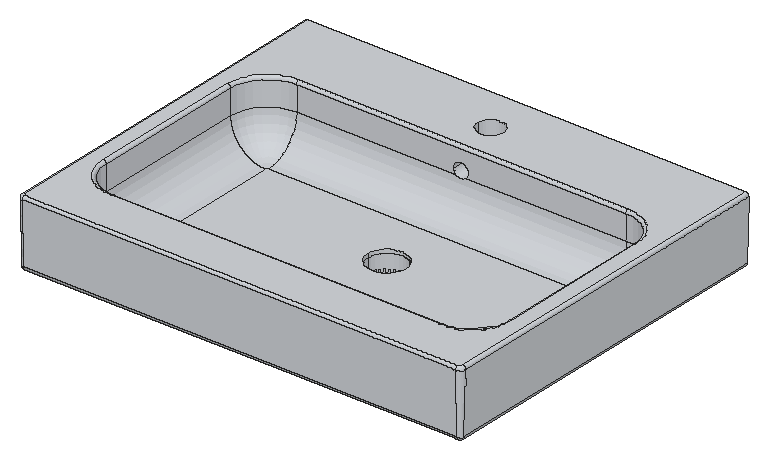
Revit family "NLRS_74_PF_UN_wastafel_S8307900000_SPHINX_BCB", category Plumbing Fixtures, Revit 2016
Family settings
  Part Type = Normal
  Round Connector Dimension = Use Diameter
  OmniClass Number = 23.45.00.00
  OmniClass Title = Sanitary, Laundry, and Cleaning Equipment
  Work Plane-Based = No
  Always vertical = Yes
  Cut with Voids When Loaded = No
  Shared = No
  Room Calculation Point = No
Parameters
  NLRS_C_type = "Wastafel met kraangat en overloop"
  NLRS_C_serie = "345"
  NLRS_C_revit_versie = "2016"
  NLRS_C_content_versie = "2.0"
  NLRS_C_content_provider = "BouwConnect"
  NLRS_C_content_datum_uitgifte = "APR-2018"
  NLRS_C_content_datum_gewijzigd = "APR-2018"
  NLRS_C_content_creator = "BouwConnect"
  NLRS_C_URL_product_data = "http://www.sphinx.nl/producten/wastafels-%7C-fonteinen/wastafels/sphinx-345-%7C-wastafel-60-cm/29144/"
  URL = "http://www.sphinx.nl/"
  Type Comments = ""
  NLRS_S_gewicht = 10.00 kg
  NLRS_C_materiaal = none
  NLRS_C_lengte = 485 mm
  NLRS_C_hoogte = 155 mm
  NLRS_C_diameter_uit = 45 mm
  NLRS_C_diameter_in = 35 mm
  NLRS_C_breedte = 600 mm
  Model = ""
  Manufacturer = "Sphinx"
  Keynote = ""
  IfcTypeProduct = "IfcSanitaryTerminalType"
  IfcExportType = "SINK"
  IfcExportAs = "IfcSanitaryTerminalTypeEnum"
  IfcElement = "IfcFlowTerminal"
  NLRS_C_code_EAN = "8711754369641"
  Description = "wastafel"
  NLRS_C_URL_BCB = "http://bcb-online.nl/?zoekterm=Sphinx+++%5bGeberit+B.V.%5d"
  Assembly Code = "47.11"
Reference planes
  plane 1 "Center (Front/Back)": y = 0
  plane 2: z = 0
  plane 3 "Center (Left/Right)": x = 0
Forms (mm)
  Extrusion 1, solid, detail levels medium+fine
    sketch origin (0, 0, 0) x (1, 0, 0) y (0, 1, 0)
      loop
        line (-305.561, 0) -> (-305.561, -492.239)
        arc (-305.561, -492.239) -> (-305.268, -492.946) -> (-304.561, -493.239) r 1
        line (-304.561, -493.239) -> (304.452, -493.239)
        arc (304.452, -493.239) -> (305.159, -492.946) -> (305.452, -492.239) r 1
        line (305.452, -492.239) -> (305.452, 0) -> (-305.561, 0)
    from -89.999 to 0
  Sweep 2, void, detail levels medium+fine
    path origin (0, 0, 0) x (1, 0, 0) y (0, 1, 0)
      loop
        line (-299.844, 0) -> (-299.844, -477.932)
        arc (-299.844, -477.932) -> (-297.773, -482.93) -> (-292.775, -485) r 7.068
        line (-292.775, -485) -> (293.088, -485)
        arc (293.088, -485) -> (298.086, -482.93) -> (300.156, -477.932) r 7.068
        line (300.156, -477.932) -> (300.156, 0)
    profile origin (-299.844, -238.966, 0) x (1, 0, 0) y (0, 0, 1)
      loop
        arc (0.047, -4.094) -> (1.184, -1.205) -> (4.046, 0) r 4
        line (4.046, 0) -> (4.046, 1) -> (-13.879, 1) -> (-13.879, -92.278) -> (5.975, -92.278) -> (5.975, -89.999)
        arc (5.975, -89.999) -> (3.18, -88.86) -> (1.976, -86.093) r 4
        line (1.976, -86.093) -> (0.047, -4.094)
  Sweep 3, void, detail levels medium+fine
    path origin (4000.313, 0, 0) x (-1, 0, 0) y (0, -1, 0)
      loop
        arc (4222.656, 110) -> (4258.012, 124.645) -> (4272.656, 160) r 50
        line (4272.656, 160) -> (4272.656, 370)
        arc (4272.656, 370) -> (4258.012, 405.355) -> (4222.656, 420) r 50
        line (4222.656, 420) -> (3777.656, 420)
        arc (3777.656, 420) -> (3742.301, 405.355) -> (3727.656, 370) r 50
        line (3727.656, 370) -> (3727.656, 160)
        arc (3727.656, 160) -> (3742.301, 124.645) -> (3777.656, 110) r 50
        line (3777.656, 110) -> (4222.656, 110)
    profile origin (0.156, -110, 0) x (0, 1, 0) y (0, 0, 1)
      loop
        arc (0, -4) -> (1.172, -1.172) -> (4, 0) r 4
        line (4, 0) -> (5, 0) -> (5, 24) -> (-49, 24) -> (-49, -85) -> (-48, -85)
        arc (-48, -85) -> (-14.059, -70.942) -> (0, -37) r 48
        line (0, -37) -> (0, -4)
  Extrusion 4, void, detail levels medium+fine
    sketch origin (1000.313, 0, 0) x (-1, 0, 0) y (0, -1, 0)
      loop
        arc (1222.656, 158.5) -> (1223.717, 158.939) -> (1224.156, 160) r 1.5
        line (1224.156, 160) -> (1224.156, 370)
        arc (1224.156, 370) -> (1223.717, 371.061) -> (1222.656, 371.5) r 1.5
        line (1222.656, 371.5) -> (777.656, 371.5)
        arc (777.656, 371.5) -> (776.596, 371.061) -> (776.156, 370) r 1.5
        line (776.156, 370) -> (776.156, 160)
        arc (776.156, 160) -> (776.596, 158.939) -> (777.656, 158.5) r 1.5
        line (777.656, 158.5) -> (1222.656, 158.5)
    from -85 to 20
  Revolve 5, solid, detail levels medium+fine
    sketch origin (0, 49.876, 0) x (0, 1, 0) y (0, 0, -1)
      loop
        arc (-164.53, 90) -> (-201.281, 106.802) -> (-241.315, 112.294) r 138.656
        line (-241.315, 112.294) -> (-284.896, 112.294) -> (-284.896, 90) -> (-164.53, 90)
      axis (-284.896, 90) -> (-284.896, 112.294)
    angle from 0 to 360
  Revolve 6, solid, detail levels medium+fine
    sketch origin (42.5, -235, -10.005) x (-1, 0, 0) y (0, 0, -1)
      loop
        line (6.298, 98.528) -> (16.241, 98.528) -> (16.241, 150) -> (14.241, 150)
        arc (14.241, 150) -> (10.089, 148.332) -> (8.246, 144.255) r 6
        line (8.246, 144.255) -> (6.298, 98.528)
      axis (42.5, 150) -> (42.5, 98.528)
    angle from 0 to 360
  Extrusion 7, void, detail levels medium+fine
    sketch origin (42.5, 55, 0) x (-1, 0, 0) y (0, -1, 0)
      loop
        circle (42.5, 290) r 26.25
    from -193.205 to 24
  Extrusion 8, solid, detail levels medium+fine
    sketch origin (0.313, 0, 0) x (-1, 0, 0) y (0, 0, -1)
      loop
        line (-227.748, 133.402) -> (-231.87, 89.953) -> (232.183, 89.953) -> (228.06, 133.402)
        arc (228.06, 133.402) -> (224.834, 139.855) -> (218.105, 142.458) r 10
        line (218.105, 142.458) -> (199.355, 142.458) -> (190.44, 138) -> (164.923, 138)
        arc (164.923, 138) -> (158.874, 135.963) -> (155.289, 130.682) r 10
        line (155.289, 130.682) -> (152.959, 122.313)
        arc (152.959, 122.313) -> (149.374, 117.032) -> (143.326, 114.995) r 10
        line (143.326, 114.995) -> (-143.013, 114.995)
        arc (-143.013, 114.995) -> (-149.062, 117.032) -> (-152.647, 122.313) r 10
        line (-152.647, 122.313) -> (-154.977, 130.682)
        arc (-154.977, 130.682) -> (-158.562, 135.963) -> (-164.611, 138) r 10
        line (-164.611, 138) -> (-189.848, 138) -> (-198.763, 142.458) -> (-217.793, 142.458)
        arc (-217.793, 142.458) -> (-224.522, 139.855) -> (-227.748, 133.402) r 10
    from 0 to 42
  Extrusion 9, void, detail levels medium+fine
    sketch origin (42.5, 0, 0) x (-1, 0, 0) y (0, -1, 0)
      loop
        circle (42.5, 60) r 17.5
    from -75.886 to 16.495
  Extrusion 10, void, detail levels medium+fine
    sketch origin (42.5, 0, -30) x (-1, 0, 0) y (0, 0, -1)
      loop
        circle (42.5, 0) r 10
    from 51.588 to 150
  Extrusion 11, solid, detail levels medium+fine
    sketch origin (-78.538, -15.612, 0) x (-0.34202, 0.939693, 0) y (0, 0, 1)
      loop
        line (-404.656, -90) -> (-392.823, -107.084)
        arc (-392.823, -107.084) -> (-383.718, -115.653) -> (-371.91, -119.766) r 30
        arc (-371.91, -119.766) -> (-177.08, -137.656) -> (18.513, -142.378) r 2902.067
        line (18.513, -142.378) -> (18.513, -90) -> (-404.656, -90)
    from 0 to 20
  Extrusion 12, void, detail levels medium+fine
    sketch origin (0, 0, 0) x (0, 1, 0) y (0, 0, 1)
      loop
        line (20, -149.995) -> (20, -84.995) -> (0, -84.995) -> (0, -114.995)
        arc (0, -114.995) -> (-14.664, -140.098) -> (-42, -149.995) r 42.7
        line (-42, -149.995) -> (20, -149.995)
    from -89.774 to -45.028
  Extrusion 13, solid, not visible, detail levels medium+fine
    sketch origin (-98.855, -1.789, 0) x (1, 0, 0) y (0, 1, 0)
      loop
        circle (98.855, -233.559) r 36.2
    from -160.005 to -165
  Extrusion 14, solid, detail levels coarse
    sketch origin (5.561, -6.761, 0) x (1, 0, 0) y (0, 1, 0)
      loop
        line (-305.561, 6.761) -> (-305.561, -478.239) -> (294.439, -478.239) -> (294.439, 6.761) -> (-305.561, 6.761)
    from -89.999 to 0
  Extrusion 15, void, detail levels coarse
    sketch origin (-1000, 0, 0) x (1, 0, 0) y (0, 1, 0)
      loop
        arc (727.656, -370) -> (742.301, -405.355) -> (777.656, -420) r 50
        line (777.656, -420) -> (1222.656, -420)
        arc (1222.656, -420) -> (1258.012, -405.355) -> (1272.656, -370) r 50
        line (1272.656, -370) -> (1272.656, -160)
        arc (1272.656, -160) -> (1258.012, -124.645) -> (1222.656, -110) r 50
        line (1222.656, -110) -> (777.656, -110)
        arc (777.656, -110) -> (742.301, -124.645) -> (727.656, -160) r 50
        line (727.656, -160) -> (727.656, -370)
    from -80 to 100
Cuts and joins
  Extrusion 7 cuts Revolve 5
  Sweep 2, Sweep 3, Extrusion 4, Extrusion 7, Extrusion 9, Extrusion 10 cuts Extrusion 1
  Extrusion 7, Extrusion 12 cuts Extrusion 11
  joined: Extrusion 1, Extrusion 8, Extrusion 11
  Extrusion 15 cuts Extrusion 14
Dimensions and locks
  aligned and locked: level to plane 2
